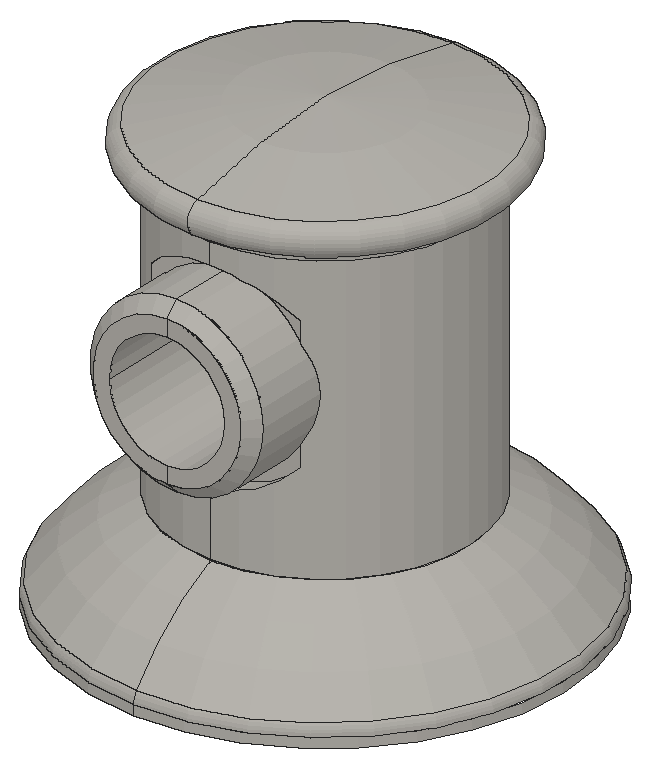
Revit family "Shower-Wall_Supply_Elbow-K-16381IN", category Plumbing Fixtures, host Face, Revit 2017
Family settings
  Host = Face
  Round Connector Dimension = Use Diameter
  Part Type = Normal
  OmniClass Number = 23.31.17.00
  Cut with Voids When Loaded = No
  Shared = No
  Room Calculation Point = No
Parameters (values of type "BN-Vibrant Brushed Nickel")
  Width = 2.28346"  # constant formula
  WaterSense Certified = 1 = 0  # no
  Waste Water Outlet = "Waste Water Outlet"  # constant formula
  Waste Connection = 1 = 0  # no
  Vent Connection = 1 = 0  # no
  URL = "https://www.kohler.co.in/"
  Type = 1
  Tempered Water Inlet = "Tempered Water Inlet"  # constant formula
  Product Page URL = "https://www.kohler.co.in/product-detail/16381in?skuid=K-16381IN-BN"
  Product Name = ""
  Product Documentation Link = "http://resources.kohler.com/plumbing/kohlerindia/pdf/16381.pdf"
  Pressure = 0.00 psi
  Panel Thickness = 0"
  Model = if(Type = 1, "K-16381IN-BN", if(Type = 2, "K-16381IN-AF", if(Type = 3, "K-16381IN-BV", if(Type = 4, "K-16381IN-CP", "NA"))))  # "K-16381IN-BN"
  Material = "Solid Brass Construction"  # constant formula
  Master Format 2014 Name = "Residential Showers"  # constant formula
  Master Format 2014 = "22 42 23"  # constant formula
  Manufacturer Address = "Ambience Office Tower NH-8 Gurgaon / Gurugram Haryana , 122001"  # constant formula
  Manufacturer = "KOHLER Co."  # constant formula
  Length = 1.25984"  # constant formula
  Hot Water Inlet = "Hot Water Inlet"  # constant formula
  Height = 2.28346"  # constant formula
  HW Connection = 1 = 1  # yes
  Flow Rate = 0 GPM
  Finish = Kohler-Metal-BN-Vibrant_Brushed_Nickel
  Environmental Product Declaration = ""
  Drain Included = 1 = 0  # no
  Description = "Wall supply elbow"  # constant formula
  Default Elevation = 36"
  Declare Label = ""
  Date Modified = "09/02/2020"  # constant formula
  Date Created = "09/02/2020"  # constant formula
  Copyright = "Copyright KOHLER Co."  # constant formula
  Contact Us = "https://www.kohler.co.in/contact-us"
  Cold Water Inlet = "Cold Water Inlet"  # constant formula
  CW Connection = 1 = 0  # no
  Assembly Code = "D2010700"
  ADA Compliant = 1 = 0  # no
Types (5): name | Type | Product Page URL | Model | Finish
  (no name) | 1 | "https://www.kohler.co.in/product-detail/16381in?skuid=K-16381IN-BN" | "K-16381IN-BN" | Kohler-Metal-BN-Vibrant_Brushed_Nickel
  BN-Vibrant Brushed Nickel | 1 | "https://www.kohler.co.in/product-detail/16381in?skuid=K-16381IN-BN" | "K-16381IN-BN" | Kohler-Metal-BN-Vibrant_Brushed_Nickel
  AF-Vibrant French Gold | 2 | "https://www.kohler.co.in/product-detail/16381in?skuid=K-16381IN-AF" | "K-16381IN-AF" | Kohler-Metal-AF-Vibrant_French_Gold
  BV-Brushed Bronze | 3 | "https://www.kohler.co.in/product-detail/16381in?skuid=K-16381IN" | "K-16381IN-BV" | Kohler-Metal-BV-Brushed_Bronze
  CP-Polished Chrome | 4 | "https://www.kohler.co.in/product-detail/16381in?skuid=K-16381IN-CP" | "K-16381IN-CP" | Kohler-Metal-CP-Polished_Chrome
Reference planes (in)
  plane 1 "Center (Front/Back)": y = 0
  plane 2: z = 0
  plane 3 "Center (Left/Right)": x = 0
  plane 4: x = 1.14173
  plane 5: x = -1.14173
  plane 6: z = 2.15354
  plane 7: z = 1.25984
  plane 8: y = 1.14173
  plane 9: y = -1.14173
  plane 10: y = -0.94488
Dimensions and locks (in)
  "Height": plane 8 to plane 9
  "Length": level to plane 7
  "Width": plane 5 to plane 4
  aligned and locked: plane 2 to host face
  aligned and locked: level to host face
  aligned and locked: plane 3 "Center (Left/Right)" to nested 1
  aligned and locked: plane 1 "Center (Front/Back)" to nested 1
  aligned and locked: plane 4 to nested 1
  aligned and locked: plane 5 to nested 1
  aligned and locked: plane 6 to nested 1
  aligned and locked: plane 7 to nested 1
  aligned and locked: plane 8 to nested 1
  aligned and locked: plane 9 to nested 1
  aligned and locked: plane 10 to nested 1
Automatic sketch dimensions
  host sketch curve to host sketch curve = 96"  (x2)
Nested families (in)
  nested 1: "K-16381IN" at (0, 0, 0), type "K-16381IN"
Connectors (in)
  piping at (0, 0, 0), diameter 0.5, driven by "Flow Rate", driven by "HW Connection", driven by "Tempered Water Inlet"
    settings: on nested 1, index 1, connector inside diameter 24", connector length 0", flow factor 0, pipe flow 0 GPM, pressure drop 0.00 psi, fitting loss kfactor 0, connector angle 0.00°, fixture units 0, engagement length 0", angle of deflection 0.00°, flow configuration 0, flow direction 1, fitting loss method 0, system type 19, joint type 0, gender type 0, connector reference index -1, connector utility 1, adjustable connector no, is connector primary yes, connector description "Tempered Water Inlet"
Definition of nested family "K-16381IN"
  Parameters (values of type "K-16381IN")
    Material = none
  Reference planes (in)
    plane 1 "Center (Front/Back)": y = 0
    plane 2: z = 0
    plane 3 "Center (Left/Right)": x = 0
    plane 4: x = -1.14173
    plane 5: x = 1.14173
    plane 6: z = 2.15354
    plane 7: z = 1.25984
    plane 8: y = -0.94488
    plane 9: y = 1.14173
    plane 10: y = -1.14173
    plane 11: y = 0.68898
    plane 12: y = -0.68898
    plane 13: x = -0.68898
    plane 14: x = 0.68898
  Forms (in)
    Revolve 1, solid, material <- "Material", detail levels medium+fine
      sketch origin (0, 0, 0) x (0, 1, 0) y (0, 0, 1)
        loop
          line (0, 0) -> (1.14173, 0) -> (1.14173, 0.048)
          arc (1.14173, 0.048) -> (1.1385, 0.07599) -> (1.12594, 0.1012) r 0.08164
          arc (1.12594, 0.1012) -> (0.92795, 0.31033) -> (0.68505, 0.46503) r 1.17548
          arc (0.68505, 0.46503) -> (0.67, 0.47036) -> (0.65417, 0.47244) r 0.07657
          line (0.65417, 0.47244) -> (0.68898, 0.47244) -> (0.68898, 1.83208)
          arc (0.68898, 1.83208) -> (0.70553, 1.87284) -> (0.74582, 1.89051) r 0.05846
          arc (0.74582, 1.89051) -> (0.82157, 1.9596) -> (0.76435, 2.04467) r 0.07849
          arc (0.76435, 2.04467) -> (0.3856, 2.12313) -> (0, 2.15354) r 3.08308
          line (0, 2.15354) -> (0, 0)
        axis (0, 2.15354) -> (0, 0)
      angle from 0 to 360
    Extrusion 2, solid, material <- "Material", detail levels medium+fine
      sketch origin (0, 0, 0) x (1, 0, 0) y (0, 1, 0)
        loop
          circle (0, 0) r 0.3937
      from 0 to 0.06688
    Extrusion 3, void
      sketch origin (0, 0, 0) x (1, 0, 0) y (0, 0, 1)
        loop
          circle (0, 1.25984) r 0.47307
      from 0.59055 to 1.04821
    Revolve 4, solid, material <- "Material", detail levels medium+fine
      sketch origin (0, 0, 0) x (0, 1, 0) y (0, 0, 1)
        loop
          line (-0.30303, 1.67359) -> (-0.88505, 1.67359) -> (-0.94488, 1.61376) -> (-0.94488, 1.25984) -> (-0.30303, 1.25984) -> (-0.30303, 1.67359)
        axis (-0.30303, 1.25984) -> (-0.94488, 1.25984)
      angle from 0 to 360
    Extrusion 5, void
      sketch origin (0, 0, 0) x (1, 0, 0) y (0, 0, 1)
        loop
          circle (0, 1.25984) r 0.27587
      from 0.30367 to 1.40025
    Revolve 6, solid, material <- "Material", detail levels coarse
      sketch origin (0, 0, 0) x (0, 1, 0) y (0, 0, 1)
        loop
          line (0.84447, 2.15354) -> (0, 2.15354) -> (0, 0.06688) -> (0.84447, 0.06688) -> (0.84447, 2.15354)
        axis (0, 2.15354) -> (0, 0.06688)
      angle from 0 to 360
    Revolve 7, solid, material <- "Material", detail levels coarse
      sketch origin (0, 0, 0) x (0, 1, 0) y (0, 0, 1)
        loop
          line (1.14173, 0.47244) -> (0, 0.47244) -> (0, 0) -> (1.14173, 0) -> (1.14173, 0.47244)
        axis (0, 0.47244) -> (0, 0)
      angle from 0 to 360
    Revolve 8, solid, material <- "Material", detail levels coarse
      sketch origin (0, 0, 0) x (0, 1, 0) y (0, 0, 1)
        loop
          line (-0.2834, 1.67359) -> (-1.01155, 1.67359) -> (-1.01155, 1.25984) -> (-0.2834, 1.25984) -> (-0.2834, 1.67359)
        axis (-0.2834, 1.25984) -> (-1.01155, 1.25984)
      angle from 0 to 360
  Cuts and joins
    Extrusion 3, Extrusion 5 cuts Revolve 1
    Extrusion 5 cuts Revolve 4
    joined: Revolve 1, Revolve 4
    joined: Revolve 6, Revolve 7, Revolve 8
  Lines and regions (in)
    Masking region 1
      outline origin (0, 0, 0) x (1, 0, 0) y (0, 0, 1)
        loop
          line (0, 0) -> (1.14173, 0) -> (1.14173, 0.048)
          arc (1.14173, 0.048) -> (1.1385, 0.07599) -> (1.12594, 0.1012) r 0.08164
          arc (1.12594, 0.1012) -> (0.92795, 0.31033) -> (0.68505, 0.46503) r 1.17548
          arc (0.68505, 0.46503) -> (0.67, 0.47036) -> (0.65417, 0.47244) r 0.07657
          line (0.65417, 0.47244) -> (0.68898, 0.47244) -> (0.68898, 1.83208)
          arc (0.68898, 1.83208) -> (0.70553, 1.87284) -> (0.74582, 1.89051) r 0.05846
          arc (0.74582, 1.89051) -> (0.82157, 1.9596) -> (0.76435, 2.04467) r 0.07849
          arc (0.76435, 2.04467) -> (0.3856, 2.12313) -> (0, 2.15354) r 3.08308
          arc (0, 2.15354) -> (-0.3856, 2.12313) -> (-0.76435, 2.04467) r 3.08308
          arc (-0.76435, 2.04467) -> (-0.82157, 1.9596) -> (-0.74582, 1.89051) r 0.07849
          arc (-0.74582, 1.89051) -> (-0.70553, 1.87284) -> (-0.68898, 1.83208) r 0.05846
          line (-0.68898, 1.83208) -> (-0.68898, 0.47244) -> (-0.65417, 0.47244)
          arc (-0.65417, 0.47244) -> (-0.67, 0.47036) -> (-0.68505, 0.46503) r 0.07657
          arc (-0.68505, 0.46503) -> (-0.92795, 0.31033) -> (-1.12594, 0.1012) r 1.17548
          arc (-1.12594, 0.1012) -> (-1.1385, 0.07599) -> (-1.14173, 0.048) r 0.08164
          line (-1.14173, 0.048) -> (-1.14173, 0) -> (0, 0)
    Masking region 2
      outline origin (0, 0, 0) x (0, 1, 0) y (0, 0, 1)
        loop
          line (0, 0) -> (1.14173, 0) -> (1.14173, 0.048)
          arc (1.14173, 0.048) -> (1.1385, 0.07599) -> (1.12594, 0.1012) r 0.08164
          arc (1.12594, 0.1012) -> (0.92795, 0.31033) -> (0.68505, 0.46503) r 1.17548
          arc (0.68505, 0.46503) -> (0.67, 0.47036) -> (0.65417, 0.47244) r 0.07657
          line (0.65417, 0.47244) -> (0.68898, 0.47244) -> (0.68898, 1.83208)
          arc (0.68898, 1.83208) -> (0.70553, 1.87284) -> (0.74582, 1.89051) r 0.05846
          arc (0.74582, 1.89051) -> (0.82157, 1.9596) -> (0.76435, 2.04467) r 0.07849
          arc (0.76435, 2.04467) -> (0.3856, 2.12313) -> (0, 2.15354) r 3.08308
          arc (0, 2.15354) -> (-0.3856, 2.12313) -> (-0.76435, 2.04467) r 3.08308
          arc (-0.76435, 2.04467) -> (-0.82157, 1.9596) -> (-0.74582, 1.89051) r 0.07849
          arc (-0.74582, 1.89051) -> (-0.70553, 1.87284) -> (-0.68898, 1.83208) r 0.05846
          line (-0.68898, 1.83208) -> (-0.68898, 1.73291) -> (-0.65046, 1.67359) -> (-0.88505, 1.67359) -> (-0.94488, 1.61376) -> (-0.94488, 0.90593) -> (-0.88505, 0.84609) -> (-0.65046, 0.84609) -> (-0.68898, 0.78678) -> (-0.68898, 0.47244) -> (-0.65417, 0.47244)
          arc (-0.65417, 0.47244) -> (-0.67, 0.47036) -> (-0.68505, 0.46503) r 0.07657
          arc (-0.68505, 0.46503) -> (-0.92795, 0.31033) -> (-1.12594, 0.1012) r 1.17548
          arc (-1.12594, 0.1012) -> (-1.1385, 0.07599) -> (-1.14173, 0.048) r 0.08164
          line (-1.14173, 0.048) -> (-1.14173, 0) -> (0, 0)
    Masking region 3
      outline origin (0, 0, 0) x (1, 0, 0) y (0, 1, 0)
        loop
          circle (0, 0) r 1.14173
    symbolic lines, detail levels medium+fine
      curve 1: line (0.74582, 0, 1.89051) -> (-0.74582, 0, 1.89051)
      curve 2: line (0.65417, 0, 0.47244) -> (-0.65417, 0, 0.47244)
      curve 3: line (-0.35392, -0.94488, 0) -> (0, -0.94488, 0)
      curve 4: line (0, -0.94488, 0) -> (0.35392, -0.94488, 0)
      curve 5: line (0.35392, -0.94488, 0) -> (0.41375, -0.88505, 0)
      curve 6: line (-0.35392, -0.94488, 0) -> (-0.41375, -0.88505, 0)
      curve 7: line (-0.41375, -0.88505, 0) -> (-0.41375, -0.70819, 0)
      curve 8: line (0.41375, -0.88505, 0) -> (0.41375, -0.70819, 0)
      curve 9: arc (0.41375, -0.70819, 0) -> (0, 0.8202, 0) -> (-0.41375, -0.70819, 0) r 0.8202
      curve 10: line (-0.41375, -0.88505, 0) -> (0.41375, -0.88505, 0)
      curve 11: line (-0.41375, -0.84568, 0) -> (0.41375, -0.84568, 0)
      curve 12: line (-0.41375, -0.80631, 0) -> (-0.15032, -0.80631, 0)
      curve 13: line (-0.41375, -0.84568, 0) -> (0.41375, -0.84568, 0)
      curve 14: line (-0.41375, -0.76694, 0) -> (-0.29075, -0.76694, 0)
      curve 15: arc (-0.41375, -0.70819, 0) -> (0, -0.8202, 0) -> (0.41375, -0.70819, 0) r 0.8202
      curve 16: line (0.29075, -0.76694, 0) -> (0.41375, -0.76694, 0)
      curve 17: line (0.15032, -0.80631, 0) -> (0.41375, -0.80631, 0)
      curve 18: line (0, -0.68926, 1.73336) -> (0, -0.59055, 1.73336)
      curve 19: line (0, -0.59055, 1.73336) -> (0, -0.59055, 0.78678)
      curve 20: line (0, -0.59055, 0.78678) -> (0, -0.68898, 0.78678)
      curve 21: line (0, -0.64883, 0.84609) -> (0, -0.59055, 0.84609)
      curve 22: line (0, -0.64883, 1.67359) -> (0, -0.59055, 1.67359)
      curve 23: line (0, 0.74582, 1.89051) -> (0, -0.74582, 1.89051)
      curve 24: line (0, 0.65417, 0.47244) -> (0, -0.65417, 0.47244)
      curve 25: line (0, -0.88505, 1.67359) -> (0, -0.88505, 0.84609)
      curve 26: line (0, -0.82599, 1.67359) -> (0, -0.82599, 0.84609)
      curve 27: line (0, -0.76694, 1.67359) -> (0, -0.76694, 0.84609)
      curve 28: line (0, -0.70788, 1.67359) -> (0, -0.70788, 0.84609)
      curve 29: line (0, -0.64883, 1.67359) -> (0, -0.64883, 0.84609)
  Dimensions and locks (in)
    locked: plane 5 to plane 3 "Center (Left/Right)" at 1.14173
    locked: plane 5 to plane 4 at 2.28346
    locked: plane 6 to level at 2.15354
    locked: plane 7 to level at 1.25984
    locked: plane 1 "Center (Front/Back)" to plane 8 at 0.94488
    locked: plane 1 "Center (Front/Back)" to plane 10 at 1.14173
    locked: plane 9 to plane 10 at 2.28346
    aligned and locked: plane 2 to level
